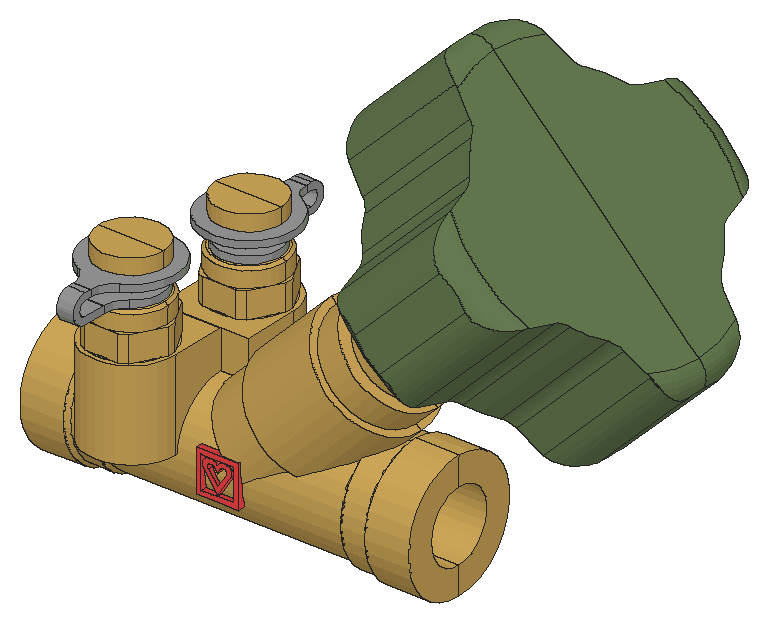
Revit family "HERZ Commissioning Valve With Metering Station For Drinking Water Systems 4017 MW (LF-MF)", category Rohrzubehör, Revit 2019
Family settings
  Bemaßung runder Anschluss = Durchmesser verwenden
  Teiletyp = Unterbricht
  OmniClass-Nummer = 23.65.55.14
  OmniClass-Titel = Valves for Liquid Services
  Arbeitsebenenbasiert = Nein
  Immer vertikal = Ja
  Beim Laden mit Abzugskörper schneiden = Nein
  Gemeinsam genutzt = Nein
Parameters (values of type "LF")
  kvs-value [instance] = if(and(Nennweite = 15.000 mm, LF), 0.46, if(and(Nennweite = 15.000 mm, MF), 0.88, 0))  # 0.46
  kv-value of the orifice [instance] = if(and(Nennweite = 15.000 mm, LF), 0.48, if(and(Nennweite = 15.000 mm, MF), 0.97, 0))  # 0.48
  W01 = 45.00°  # constant formula
  URL = "www.herzvalves.com"
  SW01 = 60.00°  # constant formula
  SCRNSEQ = "FW;SBT_TYP_FW=\"109\";2"
  SCRNCODE = "04;00;02"  # constant formula
  S03 = 60.000 mm  # constant formula
  S02 [instance] = L04 + L06 + L07  # 76.800 mm
  S01 [instance] = D01 * 2  # 27.000 mm
  R03 = 21.500 mm  # constant formula
  R02 = 9.500 mm  # constant formula
  R01 = 12.000 mm  # constant formula
  O-Rings = "EPDM"  # constant formula
  Note = "Pursuant to Article 33 of the REACH Regulation (EC No. 1907/2006), we are obliged to point out that the material lead is listed on the SVHC list and that all brass components manufactured in our products exceed 0.1% (w / w) lead (CAS: 7439-92-1 / EINECS: 231-100-4).\r\nSince lead is a component part of an alloy, actual exposure is not possible and therefore no additional information on safe use is necessary."
  Model = "According to standard BS 7350 PN20 Series B\r\nAngle seat regulating valve made of copper alloy.\r\nAll metal parts in contact with water are made of dezincification-resistant copper alloy.\r\nThe upper parts are equipped with non-rising stem."
  Medium = "Water"  # constant formula
  MF = no
  LF = yes
  L10 [instance] = 28.500 mm  # constant formula
  L09 [instance] = 22.500 mm  # constant formula
  L08 [instance] = 12.700 mm  # constant formula
  L07 [instance] = 35.100 mm  # constant formula
  L06 [instance] = 6.500 mm  # constant formula
  L05 [instance] = 20.200 mm  # constant formula
  L04 [instance] = 35.200 mm  # constant formula
  L03 [instance] = 1.000 mm  # constant formula
  Hand wheel = "plastic, green"  # constant formula
  H03 [instance] = H01 - 19.000 mm  # 1.000 mm
  H02 = 13.000 mm  # constant formula
  E01 [instance] = L00 / -2  # -41.500 mm
  E00 = 0.000 mm  # constant formula
  D09 [instance] = 11.750 mm  # constant formula
  D08 [instance] = 9.500 mm  # constant formula
  D07 [instance] = 12.000 mm  # constant formula
  D06 [instance] = 13.500 mm  # constant formula
  D05 [instance] = 12.500 mm  # constant formula
  D04 [instance] = Nennweite / 2  # 7.500 mm
  IG [instance] = Nennweite / 2  # 7.500 mm
  D03 [instance] = 11.900 mm  # constant formula
  D02 [instance] = 12.700 mm  # constant formula
  D01 [instance] = 13.500 mm  # constant formula
  Nennweite [instance] = 15.000 mm  # constant formula
  Max. differential pressure on closed seat = 1000000.0 Pa  # constant formula
  Max. operating temperature at 10 bar = 85 °C  # constant formula
  Max. operating pressure at 20°C = 2000000.0 Pa  # constant formula
  L02 [instance] = 5.000 mm  # constant formula
  L01 [instance] = 9.250 mm  # constant formula
  L00 [instance] = 83.000 mm  # constant formula
  Hersteller = "HERZ Armaturen Ges.m.b.H."  # constant formula
  H01 [instance] = 20.000 mm  # constant formula
  GT [instance] = 13.200 mm  # constant formula
  DN15 [instance] = Nennweite = 15.000 mm  # yes
  Body = "DZR brass"  # constant formula
  Bestellnummer [instance] = if(and(Nennweite = 15.000 mm, LF), 2401700, if(and(Nennweite = 15.000 mm, MF), 2401709, 0))  # 2401700
  Application = "For shutting off and regulating drinking water systems in buildings or for hydraulic balancing of supply lines."
Types (3, lengths in mm): name | kvs-value | kv-value of the orifice | MF | LF | Bestellnummer
  (no name) | 0.46 | 0.48 | no | yes | 2401700
  LF | 0.46 | 0.48 | no | yes | 2401700
  MF | 0.88 | 0.97 | yes | no | 2401709
Reference planes
  plane 1 "Mitte (Vorne/hinten)": y = 0
  plane 2: z = 0
  plane 3 "Mitte (Links/rechts)": x = 0
Forms (mm)
  Revolve 1, solid, material "Messing, weicher Gelbton, geschweißt", detail levels fine
    sketch origin (470, 0, 0) x (1, 0, 0) y (0, 0, 1)
      loop
        line (-511.5, 7.5) -> (-498.3, 7.5) -> (-498.3, 0) -> (-441.7, 0) -> (-441.7, 7.5) -> (-428.5, 7.5) -> (-428.5, 13.5) -> (-437.75, 13.5) -> (-438.55, 12.7) -> (-443.55, 12.7) -> (-444.35, 11.9) -> (-495.65, 11.9) -> (-496.45, 12.7) -> (-501.45, 12.7) -> (-502.25, 13.5) -> (-511.5, 13.5) -> (-511.5, 7.5)
      axis (-511.5, 0) -> (-428.5, 0)
    angle from 0 to 360
  Revolve 2, solid, material "Messing, weicher Gelbton, geschweißt", detail levels fine
    sketch origin (0.32, 0, -0.105) x (1, 0, 0) y (0, 0, 1)
      loop
        line (-1.32, 0.105) -> (52.986, 54.411) -> (44.677, 62.719) -> (35.697, 53.739) -> (37.288, 52.148) -> (21.449, 36.309) -> (19.681, 38.076) -> (15.085, 33.48) -> (14.024, 34.541) -> (-0.259, 20.257) -> (0.448, 19.55) -> (-7.098, 12.005) -> (-6.623, 5.408) -> (-1.32, 0.105)
      axis (-1.32, 0.105) -> (52.986, 54.411)
    angle from 0 to 360
  Extrusion 3, solid, material "Messing, weicher Gelbton, geschweißt", detail levels fine
    sketch origin (0, 0, 0) x (1, 0, 0) y (0, 1, 0)
      loop
        arc (-28.5, -12) -> (-19, -21.5) -> (-9.5, -12) r 9.5
        line (-9.5, -12) -> (-9.5, 0) -> (-28.5, 0) -> (-28.5, -12)
    from 1 <- "H03" to 20 <- "H01"
  Extrusion 4, solid, material "Messing, weicher Gelbton, geschweißt", detail levels fine
    sketch origin (0, 0, 0) x (1, 0, 0) y (0, 1, 0)
      loop
        line (-22.5, 12) -> (-22.5, 0) -> (-3.5, 0) -> (-3.5, 12)
        arc (-3.5, 12) -> (-13, 21.5) -> (-22.5, 12) r 9.5
    from 0 to 20 <- "H01"
Lines and regions (mm)
  model lines, detail levels coarse+medium
    curve 1: line (-41.5, 0, 13.5) -> (-41.5, 0, -13.5)
    curve 2: line (-41.5, 0, -13.5) -> (41.5, 0, 13.5)
    curve 3: line (41.5, 0, 13.5) -> (41.5, 0, -13.5)
    curve 4: line (41.5, 0, -13.5) -> (-41.5, 0, 13.5)
    curve 5: line (0, 0, 0) -> (38.4, 0, 66.511)
    curve 6: line (12.419, 0, 81.511) -> (64.381, 0, 51.511)
    curve 7: line (-41.5, -13.5, 0) -> (-41.5, 13.5, 0)
    curve 8: line (-41.5, 13.5, 0) -> (41.5, -13.5, 0)
    curve 9: line (41.5, -13.5, 0) -> (41.5, 13.5, 0)
    curve 10: line (41.5, 13.5, 0) -> (-41.5, -13.5, 0)
    curve 11: line (0, 0, 0) -> (38.4, 66.511, 0)
    curve 12: line (12.419, 81.511, 0) -> (64.381, 51.511, 0)
Dimensions and locks
  "L00": Revolve 1 sketch curve to Revolve 1 sketch curve
  equal spacing: Revolve 1 sketch curve, plane 3 "Mitte (Links/rechts)", Revolve 1 sketch curve
  "D01": Revolve 1 sketch curve to Revolve 1 sketch curve  (x2)
  "GT": Revolve 1 sketch curve to Revolve 1 sketch curve  (x2)
  "D06": Revolve 2 sketch curve to Revolve 2 sketch curve
  "D07": Revolve 2 sketch curve to Revolve 2 sketch curve
  "D08": Revolve 2 sketch curve to Revolve 2 sketch curve
  "D09": Revolve 2 sketch curve to Revolve 2 sketch curve
  equal spacing: curve 1, plane 3 "Mitte (Links/rechts)", curve 3
  "L00": curve 1 to curve 3
  equal spacing: curve 4, plane 2, curve 2
  "S01": curve 4 to curve 1
  "S01": curve 3 to curve 4
  equal spacing: curve 3, plane 2, curve 4
  "S02": curve 5 to curve 5
  equal spacing: curve 6, curve 5, curve 6
  "S03": curve 6 to curve 6
  equal spacing: curve 7, plane 3 "Mitte (Links/rechts)", curve 9
  "L00": curve 7 to curve 9
  equal spacing: curve 10, plane 1 "Mitte (Vorne/hinten)", curve 8
  "S01": curve 8 to curve 10
  equal spacing: curve 9, plane 1 "Mitte (Vorne/hinten)", curve 10
  "S01": curve 10 to curve 9
  "S02": curve 11 to curve 11
  equal spacing: curve 12, curve 11, curve 12
  "S03": curve 12 to curve 12
  "L01": Revolve 1 sketch curve to Revolve 1 sketch curve  (x2)
  "D02": Revolve 1 sketch curve to plane 2  (x2)
  "D03": Revolve 1 sketch curve to plane 2
  "IG": Revolve 1 sketch curve to plane 2  (x2)
  "L02": Revolve 1 sketch curve to Revolve 1 sketch curve  (x2)
  "L04": Revolve 2 sketch curve to Revolve 2 sketch curve
  "L05": Revolve 2 sketch curve to Revolve 2 sketch curve
  "D03": Revolve 2 sketch curve to plane 2
  "L06": Revolve 2 sketch curve to Revolve 2 sketch curve
  "L08": Revolve 2 sketch curve to Revolve 2 sketch curve
  "L07": Revolve 2 sketch curve to Revolve 2 sketch curve
  "D04": Revolve 2 sketch curve to Revolve 2 sketch curve
  "D05": Revolve 2 sketch curve to Revolve 2 sketch curve
  "L03": plane 3 "Mitte (Links/rechts)" to Revolve 2 sketch curve  (x2)
  "D03": nested 1 to plane 1 "Mitte (Vorne/hinten)"
  "L09": Revolve 1 to Extrusion 3 sketch curve
  "R01": Extrusion 3 sketch curve to plane 1 "Mitte (Vorne/hinten)"
  "R01": plane 1 "Mitte (Vorne/hinten)" to Extrusion 4 sketch curve
  "L10": Revolve 1 to Extrusion 4 sketch curve
  "H01": nested 3 to plane 2
  "H01": nested 2 to plane 2
  "R01": nested 3 to plane 1 "Mitte (Vorne/hinten)"
  "R01": plane 1 "Mitte (Vorne/hinten)" to nested 2
  "L10": Revolve 1 to nested 2
  "L09": Revolve 1 to nested 3
  "R02": radius of Extrusion 3 sketch curve
  "R02": radius of Extrusion 4 sketch curve
  "W01": angle level to Revolve 2 sketch curve
  "SW01": angle plane 2 to curve 5
  "SW01": angle plane 1 "Mitte (Vorne/hinten)" to curve 11
  "W01": angle Revolve 1 sketch curve to Revolve 1 sketch curve  (x4)
  "W01": angle plane 2 to Revolve 2 sketch curve
  aligned and locked: level to plane 2
Automatic sketch dimensions
  curve 5 to level = 0.000 mm
  plane 1 "Mitte (Vorne/hinten)" to curve 11 = 0.000 mm
  Revolve 1 sketch curve to level = 0.000 mm  (x2)
  Revolve 1 sketch curve to Revolve 1 sketch curve = 791.990 mm
  Revolve 1 sketch curve to Revolve 1 sketch curve = 2278.983 mm
  Revolve 2 sketch curve to level = 0.000 mm  (x2)
  plane 1 "Mitte (Vorne/hinten)" to Extrusion 3 sketch curve = 0.000 mm
  plane 1 "Mitte (Vorne/hinten)" to Extrusion 4 sketch curve = 0.000 mm
Nested families
  nested 1: "Herz-Logo-vorne" at (0, -11.9, 0) x (0, 1, 0) z (0, 0, 1), type "Herz-Logo-vorne", detail levels fine
  nested 2: "Messstutzen_Band_Austritt_senkrecht_(oben)" at (-13, 12, 2.5), type "Messstutzen_Band_Austritt_senkrecht_(oben)"
    with Schutzkappe yes, Nennweite 0.000 mm, Gewicht 0.00 kg, Bestellnummer 0
  nested 3: "Messstutzen_Band_Eintritt_senkrecht_(oben)" at (-19, -12, 2.5) x (-1, 0, 0) z (0, 0, 1), type "Messstutzen_Band_Eintritt_senkrecht_(oben)"
    with Schutzkappe yes, Nennweite 0.000 mm, Gewicht 0.00 kg, Bestellnummer 0
  nested 4: "Strangregulierventil-Handrad (Grün) DN15-DN32" at (53.306, 0, 54.306), visible <- "DN15", type "Strangregulierventil-Handrad (Grün) DN15-DN32"
    with Nennweite 0.000 mm, Gewicht 0.00 kg, Bestellnummer 0
Connectors
  piping at (-28.3, 0, 0), diameter 15, driven by "Nennweite"
    settings: on Revolve 1, index 1, connector inside diameter 609.6 mm, connector length 0.000 mm, flow factor 0, pipe flow 0.0 L/s, pressure drop 0.0 Pa, fitting loss kfactor 0, connector angle 0.00°, fixture units 0, engagement length 0.000 mm, angle of deflection 0.00°, flow configuration 0, flow direction 1, fitting loss method 0, system type 29, joint type 0, gender type 0, connector reference index -1, connector utility 0, adjustable connector no, is connector primary yes, connector description ""
  piping at (28.3, 0, 0), diameter 15, driven by "Nennweite"
    settings: on Revolve 1, index 2, connector inside diameter 609.6 mm, connector length 0.000 mm, flow factor 0, pipe flow 0.0 L/s, pressure drop 0.0 Pa, fitting loss kfactor 0, connector angle 0.00°, fixture units 0, engagement length 0.000 mm, angle of deflection 0.00°, flow configuration 0, flow direction 2, fitting loss method 0, system type 29, joint type 0, gender type 0, connector reference index -1, connector utility 0, adjustable connector no, is connector primary no, connector description ""
Definition of nested family "Herz-Logo-vorne"
  Reference planes
    plane 1 "Mitte (Vorne/hinten)": y = 0
    plane 2: z = 0
    plane 3 "Mitte (Links/rechts)": x = 0
  Forms (mm)
    Extrusion 1, solid
      sketch origin (0.732, -0.018, 0.017) x (0, -1, 0) y (0, 0, 1)
        loop
          line (-0.018, -4.517) -> (4.482, -4.517) -> (4.482, 4.483) -> (-4.518, 4.483) -> (-4.518, -4.517) -> (-0.018, -4.517)
        loop
          line (-0.05, -3.48) -> (3.482, -3.48) -> (3.482, 3.483) -> (-3.518, 3.483) -> (-3.518, -3.48) -> (-0.05, -3.48)
        loop
          arc (-0.018, 2.383) -> (-1.543, 3.287) -> (-3.067, 2.383) r 1.738
          arc (-3.067, 2.383) -> (-3.191, 1.899) -> (-3.067, 1.415) r 1.009
          line (-3.067, 1.415) -> (-0.018, -3.281) -> (3.032, 1.415)
          arc (3.032, 1.415) -> (3.156, 1.899) -> (3.032, 2.383) r 1.009
          arc (3.032, 2.383) -> (1.507, 3.287) -> (-0.018, 2.383) r 1.738
        loop
          arc (1.885, 1.272) -> (2.005, 1.675) -> (1.885, 2.079) r 0.74
          arc (1.885, 2.079) -> (1.265, 2.416) -> (0.644, 2.079) r 0.74
          line (0.644, 2.079) -> (-0.018, 0.97) -> (-0.679, 2.079)
          arc (-0.679, 2.079) -> (-1.3, 2.416) -> (-1.921, 2.079) r 0.74
          arc (-1.921, 2.079) -> (-2.04, 1.675) -> (-1.921, 1.272) r 0.74
          line (-1.921, 1.272) -> (-0.018, -1.658) -> (1.885, 1.272)
      from 0 to 1.5
  Dimensions and locks
    aligned and locked: level to plane 2
Definition of nested family "Messstutzen_Band_Austritt_senkrecht_(oben)"
  Parameters (values of type "Messstutzen_Band_Austritt_senkrecht_(oben)")
    URL = "www.herz-armaturen.at"
    Schutzkappe [instance] = yes
    Nennweite [instance] = 0.000 mm
    Manufacturer = "Herz Armaturen GmbH"  # constant formula
    Gewicht [instance] = 0.00 kg
    Bestellnummer [instance] = 0
  Reference planes
    plane 1 "Mitte (Vorne/hinten)": y = 0
    plane 2: z = 0
    plane 3 "Mitte (Links/rechts)": x = 0
    plane 4 "Schlaufe 1": z = -27
    plane 5 "Schlaufe 2": z = -31.678
  Forms (mm)
    Revolve 1, solid, detail levels fine
      sketch origin (0, 0, 0) x (1, 0, 0) y (0, 0, 1)
        loop
          line (-7.4, 9) -> (-5.55, 9) -> (-5.55, 6)
          arc (-5.55, 6) -> (-5.626, 5.617) -> (-5.843, 5.293) r 1
          line (-5.843, 5.293) -> (-6.455, 4.681) -> (-6.455, 0.9) -> (-5.555, 0) -> (-2, 0) -> (-2, 17.5) -> (-8.4, 17.5)
          arc (-8.4, 17.5) -> (-7.693, 17.207) -> (-7.4, 16.5) r 1
          line (-7.4, 16.5) -> (-7.4, 9)
        loop
          line (-3.7, 27) -> (-7.3, 27) -> (-7.9, 26.4) -> (-7.9, 23) -> (-2, 23) -> (-2, 35.8) -> (-3.805, 35.8) -> (-4.415, 35.19) -> (-4.415, 30.863) -> (-3.7, 30.45) -> (-3.7, 27)
        axis (0, 0) -> (0, 35.8)
      angle from 0 to 360
    Extrusion 2, solid, detail levels fine
      sketch origin (0, 0, 17.5) x (0, 1, 0) y (-1, 0, 0)
        loop
          arc (-7.07, 5.156) -> (-7.578, 4.375) -> (-8, 3.544) r 8.75
          line (-8, 3.544) -> (-8, -3.544)
          arc (-8, -3.544) -> (-7.578, -4.375) -> (-7.07, -5.156) r 8.75
          line (-7.07, -5.156) -> (-0.93, -8.7)
          arc (-0.93, -8.7) -> (0, -8.75) -> (0.93, -8.7) r 8.75
          line (0.93, -8.7) -> (7.07, -5.156)
          arc (7.07, -5.156) -> (7.578, -4.375) -> (8, -3.544) r 8.75
          line (8, -3.544) -> (8, 3.544)
          arc (8, 3.544) -> (7.578, 4.375) -> (7.07, 5.156) r 8.75
          line (7.07, 5.156) -> (0.93, 8.7)
          arc (0.93, 8.7) -> (0, 8.75) -> (-0.93, 8.7) r 8.75
          line (-0.93, 8.7) -> (-7.07, 5.156)
      from 0 to 5.5
    Revolve 3, solid, visible <- "Schutzkappe", detail levels fine
      sketch origin (0, 0, 0) x (1, 0, 0) y (0, 0, 1)
        loop
          line (0, 35.878) -> (0, 36.678) -> (-7, 36.678) -> (-7, 33.378) -> (-6.1, 33.378) -> (-6.1, 31.678) -> (-6.9, 31.678) -> (-6.9, 30.178) -> (-4.415, 30.178) -> (-4.415, 35.268) -> (-3.805, 35.878) -> (0, 35.878)
        axis (0, 30.178) -> (0, 36.678)
      angle from 0 to 360
    Extrusion 4, solid, detail levels fine
      sketch origin (0, 0, 28.5) x (1, 0, 0) y (0, 1, 0)
        loop
          circle (0, 0) r 3.7
        loop
          arc (-3.906, 5.505) -> (0, -6.75) -> (3.906, 5.505) r 6.75
          arc (3.906, 5.505) -> (2.358, 7.288) -> (1.8, 9.582) r 5
          line (1.8, 9.582) -> (-1.8, 9.582)
          arc (-1.8, 9.582) -> (-2.358, 7.288) -> (-3.906, 5.505) r 5
      from 0 to -1.5
    Extrusion 5, solid, detail levels fine
      sketch origin (0, 0, 33.178) x (1, 0, 0) y (0, 1, 0)
        loop
          circle (0, 0) r 6.1
        loop
          arc (-4.495, 8.652) -> (0, -9.75) -> (4.495, 8.652) r 9.75
          arc (4.495, 8.652) -> (2.527, 10.493) -> (1.8, 13.089) r 5
          line (1.8, 13.089) -> (-1.8, 13.089)
          arc (-1.8, 13.089) -> (-2.527, 10.493) -> (-4.495, 8.652) r 5
      from 0 to -1.5
    Sweep 6, solid, detail levels fine
      path origin (0, 0, 0) x (0, 0, -1) y (0, -1, 0)
        loop
          line (-27.75, -9.582) -> (-27.75, -14.522)
          arc (-27.75, -14.522) -> (-30.089, -16.862) -> (-32.428, -14.522) r 2.339
          line (-32.428, -14.522) -> (-32.428, -13.089)
      profile origin (0, 12.052, 27.75) x (0, 0, 1) y (1, 0, 0)
        loop
          line (-0.75, -1.8) -> (0.75, -1.8) -> (0.75, 1.8) -> (-0.75, 1.8) -> (-0.75, -1.8)
  Dimensions and locks
    aligned and locked: level to plane 2
Definition of nested family "Messstutzen_Band_Eintritt_senkrecht_(oben)"
  Parameters (values of type "Messstutzen_Band_Eintritt_senkrecht_(oben)")
    URL = "www.herz-armaturen.at"
    Schutzkappe [instance] = yes
    Nennweite [instance] = 0.000 mm
    Manufacturer = "Herz Armaturen GmbH"  # constant formula
    Gewicht [instance] = 0.00 kg
    Bestellnummer [instance] = 0
  Reference planes
    plane 1 "Mitte (Vorne/hinten)": y = 0
    plane 2: z = 0
    plane 3 "Mitte (Links/rechts)": x = 0
    plane 4 "Schlaufe 1": z = -27
    plane 5 "Schlaufe 2": z = -31.678
  Forms (mm)
    Revolve 1, solid, detail levels fine
      sketch origin (0, 0, 0) x (1, 0, 0) y (0, 0, 1)
        loop
          line (-7.4, 9) -> (-5.55, 9) -> (-5.55, 6)
          arc (-5.55, 6) -> (-5.626, 5.617) -> (-5.843, 5.293) r 1
          line (-5.843, 5.293) -> (-6.455, 4.681) -> (-6.455, 0.9) -> (-5.555, 0) -> (-2, 0) -> (-2, 17.5) -> (-8.4, 17.5)
          arc (-8.4, 17.5) -> (-7.693, 17.207) -> (-7.4, 16.5) r 1
          line (-7.4, 16.5) -> (-7.4, 9)
        loop
          line (-3.7, 27) -> (-7.3, 27) -> (-7.9, 26.4) -> (-7.9, 23) -> (-2, 23) -> (-2, 35.8) -> (-3.805, 35.8) -> (-4.415, 35.19) -> (-4.415, 30.863) -> (-3.7, 30.45) -> (-3.7, 27)
        axis (0, 0) -> (0, 35.8)
      angle from 0 to 360
    Extrusion 2, solid, detail levels fine
      sketch origin (0, 0, 17.5) x (0, 1, 0) y (-1, 0, 0)
        loop
          arc (-7.07, 5.156) -> (-7.578, 4.375) -> (-8, 3.544) r 8.75
          line (-8, 3.544) -> (-8, -3.544)
          arc (-8, -3.544) -> (-7.578, -4.375) -> (-7.07, -5.156) r 8.75
          line (-7.07, -5.156) -> (-0.93, -8.7)
          arc (-0.93, -8.7) -> (0, -8.75) -> (0.93, -8.7) r 8.75
          line (0.93, -8.7) -> (7.07, -5.156)
          arc (7.07, -5.156) -> (7.578, -4.375) -> (8, -3.544) r 8.75
          line (8, -3.544) -> (8, 3.544)
          arc (8, 3.544) -> (7.578, 4.375) -> (7.07, 5.156) r 8.75
          line (7.07, 5.156) -> (0.93, 8.7)
          arc (0.93, 8.7) -> (0, 8.75) -> (-0.93, 8.7) r 8.75
          line (-0.93, 8.7) -> (-7.07, 5.156)
      from 0 to 5.5
    Revolve 3, solid, visible <- "Schutzkappe", detail levels fine
      sketch origin (0, 0, 0) x (1, 0, 0) y (0, 0, 1)
        loop
          line (0, 35.878) -> (0, 36.678) -> (-7, 36.678) -> (-7, 33.378) -> (-6.1, 33.378) -> (-6.1, 31.678) -> (-6.9, 31.678) -> (-6.9, 30.178) -> (-4.415, 30.178) -> (-4.415, 35.268) -> (-3.805, 35.878) -> (0, 35.878)
        axis (0, 30.178) -> (0, 36.678)
      angle from 0 to 360
    Extrusion 4, solid, detail levels fine
      sketch origin (0, 0, 28.5) x (1, 0, 0) y (0, 1, 0)
        loop
          circle (0, 0) r 3.7
        loop
          arc (-3.906, 5.505) -> (0, -6.75) -> (3.906, 5.505) r 6.75
          arc (3.906, 5.505) -> (2.358, 7.288) -> (1.8, 9.582) r 5
          line (1.8, 9.582) -> (-1.8, 9.582)
          arc (-1.8, 9.582) -> (-2.358, 7.288) -> (-3.906, 5.505) r 5
      from 0 to -1.5
    Extrusion 5, solid, detail levels fine
      sketch origin (0, 0, 33.178) x (1, 0, 0) y (0, 1, 0)
        loop
          circle (0, 0) r 6.1
        loop
          arc (-4.495, 8.652) -> (0, -9.75) -> (4.495, 8.652) r 9.75
          arc (4.495, 8.652) -> (2.527, 10.493) -> (1.8, 13.089) r 5
          line (1.8, 13.089) -> (-1.8, 13.089)
          arc (-1.8, 13.089) -> (-2.527, 10.493) -> (-4.495, 8.652) r 5
      from 0 to -1.5
    Sweep 6, solid, detail levels fine
      path origin (0, 0, 0) x (0, 0, -1) y (0, -1, 0)
        loop
          line (-27.75, -9.582) -> (-27.75, -14.522)
          arc (-27.75, -14.522) -> (-30.089, -16.862) -> (-32.428, -14.522) r 2.339
          line (-32.428, -14.522) -> (-32.428, -13.089)
      profile origin (0, 12.052, 27.75) x (0, 0, 1) y (1, 0, 0)
        loop
          line (-0.75, -1.8) -> (0.75, -1.8) -> (0.75, 1.8) -> (-0.75, 1.8) -> (-0.75, -1.8)
  Dimensions and locks
    aligned and locked: level to plane 2
Definition of nested family "Strangregulierventil-Handrad (Grün) DN15-DN32"
  Parameters (values of type "Strangregulierventil-Handrad (Grün) DN15-DN32")
    URL = "www.herz-armaturen.at"
    Nennweite [instance] = 0.000 mm
    Manufacturer = "Herz Armaturen GmbH"  # constant formula
    Gewicht [instance] = 0.00 kg
    Bestellnummer [instance] = 0
  Reference planes
    plane 1 "Mitte (Vorne/hinten)": y = 0
    plane 2: z = 0
    plane 3 "Mitte (Links/rechts)": x = 0
  Forms (mm)
    Revolve 1, solid, detail levels fine
      sketch origin (0, 0, 0) x (0.707107, 0, -0.707107) y (0.707107, 0, 0.707107)
        loop
          line (0, 0) -> (0, 24.95) -> (-30.992, 24.95)
          arc (-30.992, 24.95) -> (-34.37, 23.636) -> (-35.973, 20.386) r 5
          line (-35.973, 20.386) -> (-37, 8.65) -> (-35.986, -2.936)
          arc (-35.986, -2.936) -> (-34.383, -6.186) -> (-31.005, -7.5) r 5
          line (-31.005, -7.5) -> (-15, -7.5) -> (-15, 0) -> (0, 0)
        axis (0, 24.95) -> (0, -7.5)
      angle from 0 to 360
    Extrusion 2, void
      sketch origin (14.354, 0, 14.354) x (0.707107, 0, -0.707107) y (0, 1, 0)
        loop
          line (3.861, 35.5) -> (-3.861, 35.5)
          arc (-3.861, 35.5) -> (-8.731, 33.847) -> (-11.589, 29.571) r 8
          line (-11.589, 29.571) -> (-13.284, 23.245)
          arc (-13.284, 23.245) -> (-13.982, 21.722) -> (-15.144, 20.516) r 5
          arc (-15.144, 20.516) -> (-18.031, 18.031) -> (-20.516, 15.144) r 25.5
          arc (-20.516, 15.144) -> (-21.722, 13.982) -> (-23.245, 13.284) r 5
          line (-23.245, 13.284) -> (-29.571, 11.589)
          arc (-29.571, 11.589) -> (-33.847, 8.731) -> (-35.5, 3.861) r 8
          line (-35.5, 3.861) -> (-35.5, -3.861)
          arc (-35.5, -3.861) -> (-33.847, -8.731) -> (-29.571, -11.589) r 8
          line (-29.571, -11.589) -> (-23.245, -13.284)
          arc (-23.245, -13.284) -> (-21.722, -13.982) -> (-20.516, -15.144) r 5
          arc (-20.516, -15.144) -> (-18.031, -18.031) -> (-15.144, -20.516) r 25.5
          arc (-15.144, -20.516) -> (-13.982, -21.722) -> (-13.284, -23.245) r 5
          line (-13.284, -23.245) -> (-11.589, -29.571)
          arc (-11.589, -29.571) -> (-8.731, -33.847) -> (-3.861, -35.5) r 8
          line (-3.861, -35.5) -> (3.861, -35.5)
          arc (3.861, -35.5) -> (8.731, -33.847) -> (11.589, -29.571) r 8
          line (11.589, -29.571) -> (13.284, -23.245)
          arc (13.284, -23.245) -> (13.982, -21.722) -> (15.144, -20.516) r 5
          arc (15.144, -20.516) -> (18.031, -18.031) -> (20.516, -15.144) r 25.5
          arc (20.516, -15.144) -> (21.722, -13.982) -> (23.245, -13.284) r 5
          line (23.245, -13.284) -> (29.571, -11.589)
          arc (29.571, -11.589) -> (33.847, -8.731) -> (35.5, -3.861) r 8
          line (35.5, -3.861) -> (35.5, 3.861)
          arc (35.5, 3.861) -> (33.847, 8.731) -> (29.571, 11.589) r 8
          line (29.571, 11.589) -> (23.245, 13.284)
          arc (23.245, 13.284) -> (21.722, 13.982) -> (20.516, 15.144) r 5
          arc (20.516, 15.144) -> (18.031, 18.031) -> (15.144, 20.516) r 25.5
          arc (15.144, 20.516) -> (13.982, 21.722) -> (13.284, 23.245) r 5
          line (13.284, 23.245) -> (11.589, 29.571)
          arc (11.589, 29.571) -> (8.731, 33.847) -> (3.861, 35.5) r 8
        loop
          circle (0, 0) r 38
      from -31.266 to 7.923
  Cuts and joins
    Extrusion 2 cuts Revolve 1
  Dimensions and locks
    Revolve 1 sketch curve to Revolve 1 sketch curve = 15.000 mm
    Revolve 1 sketch curve to Revolve 1 sketch curve = 16.150 mm
    Revolve 1 sketch curve to Revolve 1 sketch curve = 16.300 mm
    angle Revolve 1 sketch curve to Revolve 1 sketch curve = 95.00°
    aligned and locked: level to plane 2
